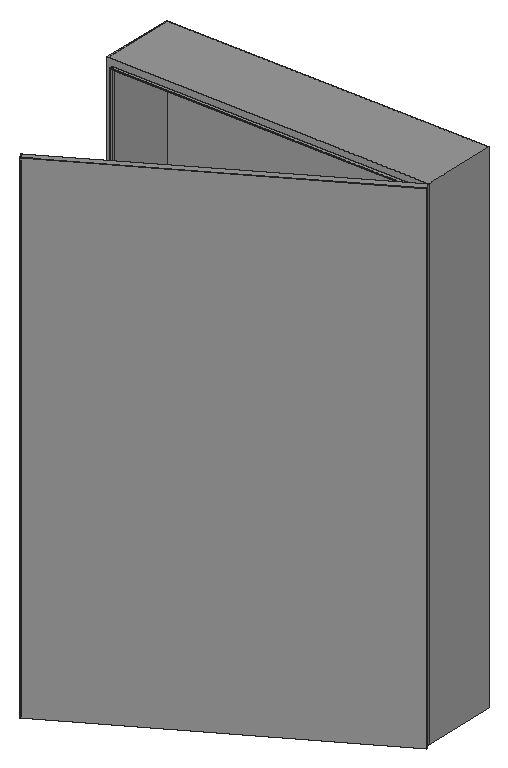
Revit family "Hager-Univers-IP44-D205-H1250-Cl.I-encl-NoHosted-DE-de", category Equipement électrique, Revit 2020
Family settings
  Configuration du panneau = Deux colonnes, circuits au sein
  Cote de connecteur circulaire = Utiliser le diamètre
  Type d'élément = Tableau de raccordement
  Basée sur le plan de construction = Oui
  Toujours verticalement = Oui
  Couper avec des vides une fois chargée = Non
  Partagée = Non
  Point de calcul de pièce = Non
Parameters (values of type "Aufputz IP44 B800 H1250 T205  - FP83TN2")
  Width Control [instance] = if([EF000008 - Breite] > Min Width, [EF000008 - Breite], Min Width)  # 800 mm
  Commentaires du type = [HG000003 - Bereich]  # "Univers"
  Thickness Door [instance] = if([EF009171 - Materialstärke Tür/Deckel] > 3 mm, 3 mm, [EF009171 - Materialstärke Tür/Deckel])  # 1 mm
  Seal Frame Offset [instance] = 17 mm  # constant formula
  Plinth Visibility [instance] = [HG000027 - Sockelhöhe] > 0 mm  # no
  Min Width [instance] = 100 mm  # constant formula
  Min Depth [instance] = (2 * [EF009170 - Materialstärke Gehäuse]) + 1 mm  # 3 mm
  Min Height [instance] = 100 mm  # constant formula
  Internal Frame Depth [instance] = (Door System Depth * 0.5)  # 9 mm
  Panel Name [instance] = ""  # (empty or 0)
  Model = ""
  HG000027 - Sockelhöhe = 0 mm
  HG000026 - Stehend auf dem Boden = no
  HG000024 - Höhe des unteren Teils = 600 mm
  HG000023 - Gehäuse mit doppeltem Querschnitt = no
  HG000016 - 3D-Türsichtbarkeit [instance] = yes
  HG000015 - Sichtbarkeit der Türöffnung [instance] = no
  HG000014 - Tür rechts [instance] = yes
  HG000013 - Tür links [instance] = not([HG000014 - Tür rechts])  # no
  HG000012 - Türschwenkwinkel [instance] = 30.00°
  HG000010 - Asymmetrische Türen = no
  HG000009 - Doppelflügeligen Tür = no
  HG000006 - Unterputz = no
  HG000004 - Herstellerreferenz = "FP83TN2"
  HG000003 - Bereich = "Univers"
  HG000002 - Mit tür = yes
  Frame Offset Bottom [instance] = 10 mm  # constant formula
  Frame Offset [instance] = 15 mm  # constant formula
  EF015940 - Deckel mit Überdruckentlastung = no
  EF011959 - Schutzart (NEMA) = ""
  EF009554 - Anzahl der Öffnungen für Flanschplatten = 6
  EF009212 - Ausführung Deckel = "EV000116 - geschlossen"
  EF009171 - Materialstärke Tür/Deckel = 1 mm
  EF009170 - Materialstärke Gehäuse = 1 mm
  EF008873 - Nennstrom (In) = 250 A
  EF007800 - Geeignet für Blitzschutz = no
  EF006306 - Mit Schloss = no
  EF006244 - Transparenter Deckel/Tür = no
  EF005474 - Schutzart (IP) = "EV006418 - IP44"
  EF004464 - Art der Tür = "EV002646 - Einzel"
  EF004427 - Anzahl der Module = 288
  EF004293 - Schlagfestigkeit = "EV006815 - IK09"
  EF003532 - Geeignet für Außengebrauch = no
  EF002950 - Breite in Teilungseinheiten = 36
  EF001613 - Funktionserhalt = "EV000494 - ohne"
  EF001596 - Werkstoff des Gehäuses = "EV000179 - Stahl"
  EF001131 - Innentiefe = 130 mm
  EF001088 - Anbaumöglichkeit = yes
  EF000437 - Anzahl der Leitungseinführungen = 6
  EF000339 - Art der Abdeckung = "EV001012 - Deckel"
  EF000266 - Anzahl der Reihen = 8
  EF000218 - Einbautiefe = 205 mm
  EF000118 - Mit Montageplatte = no
  EF000116 - RAL-Nummer = "9010"
  EF000049 - Tiefe = 205 mm
  EF000040 - Höhe = 1250 mm
  EF000008 - Breite = 800 mm
  EF000007 - Farbe = "EV000202 - weiß"
  EF000003 - Montageart = "EV000384 - Aufputz"
  Door System Leaf Tolerance [instance] = 1.5 mm  # constant formula
  Door System Depth [instance] = 18 mm  # constant formula
  Door Height [instance] = Height Control - [HG000027 - Sockelhöhe]  # 1250 mm
  Description = ""
  Default Elevation = 1219.2 mm
  Connector Offset [instance] = Height Control / 2  # 625 mm
  Fabricant = "Hager"  # constant formula
  Height Control [instance] = if([EF000040 - Höhe] > Min Height, [EF000040 - Höhe], Min Height)  # 1250 mm
  Depth Control [instance] = if([EF000049 - Tiefe] > Min Depth, [EF000049 - Tiefe], Min Depth)  # 205 mm
  Bottom Top Plate Trim [instance] = 1.5 mm  # constant formula
  Plinth height Ctrl [instance] = if([HG000027 - Sockelhöhe] > 0 mm, [HG000027 - Sockelhöhe], 12 mm)  # 12 mm
Types (9, lengths in mm): name | Width Control | HG000010 - Asymmetrische Türen | HG000009 - Doppelflügeligen Tür | HG000004 - Herstellerreferenz | EF009554 - Anzahl der Öffnungen für Flanschplatten | EF004464 - Art der Tür | EF004427 - Anzahl der Module | EF002950 - Breite in Teilungseinheiten | EF000437 - Anzahl der Leitungseinführungen | EF000008 - Breite
  Aufputz IP44 B1050 H1250 T205  - FP84TN2 | 1050 | no | yes | "FP84TN2" | 8 | "EV003602 - Doppel" | 384 | 48 | 8 | 1050
  Aufputz IP44 B1300 H1250 T205  - FP85TN | 1300 | no | yes | "FP85TN" | 10 | "EV003602 - Doppel" | 480 | 60 | 10 | 1300
  Aufputz IP44 B1300 H1250 T205  - FP85TN2 | 1300 | yes | yes | "FP85TN2" | 10 | "EV003602 - Doppel" | 480 | 60 | 10 | 1300
  Aufputz IP44 B300 H1250 T205  - FP81TN | 300 | no | no | "FP81TN" | 2 | "EV002646 - Einzel" | 96 | 12 | 2 | 300
  Aufputz IP44 B300 H1250 T205  - FP81TN2 | 300 | no | no | "FP81TN2" | 2 | "EV002646 - Einzel" | 96 | 12 | 2 | 300
  Aufputz IP44 B550 H1250 T205  - FP82TN | 550 | no | no | "FP82TN" | 4 | "EV002646 - Einzel" | 192 | 24 | 4 | 550
  Aufputz IP44 B550 H1250 T205  - FP82TN2 | 550 | no | no | "FP82TN2" | 4 | "EV002646 - Einzel" | 192 | 24 | 4 | 550
  Aufputz IP44 B800 H1250 T205  - FP83TN | 800 | no | no | "FP83TN" | 6 | "EV002646 - Einzel" | 288 | 36 | 6 | 800
  Aufputz IP44 B800 H1250 T205  - FP83TN2 | 800 | no | no | "FP83TN2" | 6 | "EV002646 - Einzel" | 288 | 36 | 6 | 800
Reference planes
  plane 1 "Center (Front/Back)": y = 0
  plane 2: z = 0
  plane 3 "Center (Left/Right)": x = 0
  plane 4: y = 0
  plane 5: y = 0
  plane 6: z = 0
  plane 7: x = -400
  plane 8: x = 400
  plane 9: x = 399
  plane 10: x = -399
  plane 11: z = 0
  plane 12: z = 1
  plane 13: y = -205
  plane 14: y = -1
  plane 15: x = 0
  plane 16: y = -187
  plane 17: y = -204
  plane 18: y = -186
  plane 19: x = -384
  plane 20: x = 384
  plane 21: z = 11
  plane 22: x = -383
  plane 23: x = 383
  plane 24: z = 0
  plane 25: z = 1250
  plane 26: z = 1250
  plane 27: z = 1234
  plane 28: z = 1249
Forms (mm)
  Extrusion 1, solid, material "Hager_Steel_RAL7035_Light_Grey", detail levels medium+fine
    sketch origin (-208.679, -4572, 0) x (-1, 0, 0) y (0, -1, 0)
      loop
        line (191.321, -4385) -> (-608.679, -4385) -> (-608.679, -4572) -> (191.321, -4572) -> (191.321, -4385)
    from 0 to 1250
  Extrusion 2, void
    sketch origin (-350.771, -205, 1219.2) x (1, 0, 0) y (0, 0, 1)
      loop
        line (-48.229, 29.8) -> (-48.229, -1218.2) -> (749.771, -1218.2) -> (749.771, 29.8) -> (-48.229, 29.8)
    from -19 to -204
  Extrusion 3, void
    sketch origin (-290.084, -187, 1219.2) x (1, 0, 0) y (0, 0, 1)
      loop
        line (-93.916, -1208.2) -> (674.084, -1208.2) -> (674.084, 14.8) -> (-93.916, 14.8) -> (-93.916, -1208.2)
    from 0 to -1
  Extrusion 4, solid, material "Hager_Steel_RAL7035_Light_Grey", visible <- "Plinth Visibility", detail levels medium+fine
    sketch origin (0, 0, 0) x (1, 0, 0) y (0, 1, 0)
      loop
        line (-400, 0) -> (-400, -187) -> (400, -187) -> (400, 0) -> (-400, 0)
    from 0 to 12 <- "Plinth height Ctrl"
  Extrusion 5, solid, material "Hager_Steel_RAL7035_Light_Grey", detail levels coarse
    sketch origin (0, 0, 0) x (1, 0, 0) y (0, 1, 0)
      loop
        line (-400, 0) -> (-400, -205) -> (400, -205) -> (400, 0) -> (-400, 0)
    from 0 to 1250 <- "Height Control"
  Sweep 6, void
    path in 3D
      loop
        line (-400, -187, 12) -> (400, -187, 12) -> (400, 0, 12) -> (-400, 0, 12) -> (-400, -187, 12)
    profile origin (-400, -93.5, 12) x (1, 0, 0) y (0, 0, 1)
      loop
        line (0, 0) -> (0, -1.5) -> (1.5, -1.5)
        arc (1.5, -1.5) -> (1.061, -0.439) -> (0, 0) r 1.5
  Extrusion 7, solid, material "Hager_Steel_RAL7035_Light_Grey", detail levels fine
    sketch origin (-400, -187, 0) x (1, 0, 0) y (0, 0, 1)
      loop
        line (16, 11) -> (784, 11) -> (784, 1234) -> (16, 1234) -> (16, 11)
      loop
        line (15, 10) -> (785, 10) -> (785, 1235) -> (15, 1235) -> (15, 10)
    from 0 to 9 <- "Internal Frame Depth"
Cuts and joins
  Extrusion 2, Extrusion 3 cuts Extrusion 1
  Sweep 6 cuts Extrusion 4
Lines and regions (mm)
  Masking region 1
    outline origin (0, 0, 0) x (1, 0, 0) y (0, 1, 0)
      loop
        line (-400, 0) -> (-400, -205) -> (400, -205) -> (400, 0) -> (-400, 0)
  Masking region 2, detail levels coarse
    outline origin (-290.084, -187, 1219.2) x (-1, 0, 0) y (0, 0, 1)
      loop
        line (-690.084, -1219.2) -> (109.916, -1219.2) -> (109.916, 30.8) -> (-690.084, 30.8) -> (-690.084, -1219.2)
  Masking region 3, detail levels coarse
    outline origin (0, 0, 0) x (0, 1, 0) y (0, 0, 1)
      loop
        line (0, 0) -> (0, 1250) -> (-205, 1250) -> (-205, 0) -> (0, 0)
  Masking region 4, visible <- "Plinth Visibility", detail levels medium+fine
    outline origin (0, 0, 0) x (0, 1, 0) y (0, 0, 1)
      loop
        line (-1.5, 12) -> (-185.5, 12)
        arc (-185.5, 12) -> (-185.939, 10.939) -> (-187, 10.5) r 1.5
        line (-187, 10.5) -> (-187, 0) -> (0, 0) -> (0, 10.5)
        arc (0, 10.5) -> (-1.061, 10.939) -> (-1.5, 12) r 1.5
  Masking region 5, detail levels medium+fine
    outline origin (0, 0, 594.038) x (0, 1, 0) y (0, 0, 1)
      loop
        line (0, -594.038) -> (0, 655.962) -> (-187, 655.962) -> (-187, -594.038) -> (0, -594.038)
  Masking region 6, detail levels medium+fine
    outline origin (-359.7, -187, 1211.883) x (-1, 0, 0) y (0, 0, 1)
      loop
        line (-759.7, -1211.883) -> (40.3, -1211.883) -> (40.3, 38.117) -> (-759.7, 38.117) -> (-759.7, -1211.883)
  Masking region 7, visible <- "Plinth Visibility", detail levels medium+fine
    outline origin (-320.334, -187, 1041.368) x (-1, 0, 0) y (0, 0, 1)
      loop
        line (-720.334, -1041.368) -> (79.666, -1041.368) -> (79.666, -1030.868)
        arc (79.666, -1030.868) -> (78.606, -1030.429) -> (78.166, -1029.368) r 1.5
        line (78.166, -1029.368) -> (-718.834, -1029.368)
        arc (-718.834, -1029.368) -> (-719.273, -1030.429) -> (-720.334, -1030.868) r 1.5
        line (-720.334, -1030.868) -> (-720.334, -1041.368)
  sketch lines
    curve 1: line (-400, 0, 12) -> (-400, -187, 12)
    curve 2: line (-400, -187, 12) -> (400, -187, 12)
    curve 3: line (400, 0, 12) -> (-400, 0, 12)
    curve 4: line (400, -187, 12) -> (400, 0, 12)
Dimensions and locks
  locked: plane 1 "Center (Front/Back)" to plane 5
  "EF009170 - Materialstärke Gehäuse": plane 7 to plane 10
  "EF009170 - Materialstärke Gehäuse": plane 8 to plane 9
  equal spacing: plane 7, plane 3 "Center (Left/Right)", plane 8
  "Width Control": plane 7 to plane 8
  "Depth Control": plane 4 to plane 13
  "EF009170 - Materialstärke Gehäuse": plane 4 to plane 14
  "Height Control": plane 25 to level
  "HG000027 - Sockelhöhe": plane 11 to level
  "EF009170 - Materialstärke Gehäuse": plane 12 to plane 11
  "EF009170 - Materialstärke Gehäuse": plane 17 to plane 13
  "EF009170 - Materialstärke Gehäuse": plane 18 to plane 16
  "Frame Offset Bottom": plane 21 to plane 12
  "Frame Offset": plane 10 to plane 19
  "Frame Offset": plane 9 to plane 20
  "Door System Depth": plane 16 to plane 13
  "Seal Frame Offset": plane 7 to plane 22
  "Seal Frame Offset": plane 8 to plane 23
  "EF009170 - Materialstärke Gehäuse": plane 26 to plane 28
  "Frame Offset": plane 28 to plane 27
  "Connector Offset": plane 2 to connector elem
  "Bottom Top Plate Trim": profile plane to Sweep 6 sketch curve
  "Bottom Top Plate Trim": Sweep 6 sketch curve to Sweep 6 sketch curve
  "Plinth height Ctrl": Masking region 4 sketch curve to level
  "Plinth height Ctrl": Masking region 7 sketch curve to level
  "Thickness Door": Extrusion 7 sketch curve to Extrusion 7 sketch curve  (x4)
  "Bottom Top Plate Trim": radius of Sweep 6 sketch curve
  "Bottom Top Plate Trim": radius of Masking region 4 sketch curve  (x2)
  "Bottom Top Plate Trim": radius of Masking region 7 sketch curve  (x2)
  aligned and locked: Extrusion 2 sketch curve to plane 12
  aligned and locked: Extrusion 2 sketch curve to plane 9
  aligned and locked: Extrusion 2 sketch curve to plane 10
  aligned and locked: Extrusion 2 to plane 14
  aligned and locked: Extrusion 1 sketch curve to plane 4
  aligned and locked: plane 8 to Extrusion 1 sketch curve
  aligned and locked: plane 7 to Extrusion 1 sketch curve
  aligned and locked: Extrusion 2 to plane 18
  aligned and locked: Extrusion 3 sketch curve to plane 19
  aligned and locked: plane 20 to Extrusion 3 sketch curve
  aligned and locked: Extrusion 3 to Extrusion 2
  aligned and locked: Extrusion 3 sketch curve to plane 21
  aligned and locked: plane 3 "Center (Left/Right)" to nested 1
  aligned and locked: Extrusion 1 sketch curve to plane 16
  aligned and locked: Extrusion 4 sketch curve to cut or joined group of Extrusion 1, Extrusion 2, Extrusion 3
  aligned and locked: Masking region 1 sketch curve to plane 7
  aligned and locked: Masking region 1 sketch curve to plane 5
  aligned and locked: Masking region 1 sketch curve to plane 8
  aligned and locked: Masking region 2 sketch curve to level
  aligned and locked: level to Masking region 3 sketch curve
  aligned and locked: plane 1 "Center (Front/Back)" to Masking region 3 sketch curve
  aligned and locked: plane 13 to Masking region 3 sketch curve
  aligned and locked: plane 5 to Masking region 4 sketch curve
  aligned and locked: Masking region 2 sketch curve to plane 8
  aligned and locked: Masking region 2 sketch curve to plane 7
  aligned and locked: plane 7 to nested 2
  aligned and locked: nested 2 to plane 5
  aligned and locked: plane 5 to Masking region 5 sketch curve
  aligned and locked: plane 26 to Masking region 5 sketch curve
  aligned and locked: Extrusion 5 sketch curve to plane 8
  aligned and locked: Extrusion 5 sketch curve to plane 7
  aligned and locked: Extrusion 5 sketch curve to plane 5
  aligned and locked: Extrusion 3 sketch curve to plane 27
  aligned and locked: Extrusion 2 sketch curve to plane 28
  aligned and locked: Masking region 2 to plane 25
  aligned and locked: Extrusion 4 to plane 16
  aligned and locked: profile plane to Sweep 6 sketch curve
  aligned and locked: Masking region 5 sketch curve to plane 24
  aligned and locked: level to Masking region 4 sketch curve
  aligned and locked: Masking region 1 to plane 13
  aligned and locked: nested 1 to plane 16
  aligned and locked: Masking region 3 to plane 25
  aligned and locked: plane 16 to Masking region 4 sketch curve
  aligned and locked: Masking region 5 sketch curve to plane 16
  aligned and locked: plane 24 to plane 11
  aligned and locked: plane 26 to plane 25
  aligned and locked: plane 26 to cut or joined group of Extrusion 1, Extrusion 2, Extrusion 3
  aligned and locked: nested 1 to plane 24
  aligned and locked: Extrusion 1 to Extrusion 3
  aligned and locked: Masking region 6 sketch curve to plane 8
  aligned and locked: Masking region 6 sketch curve to plane 24
  aligned and locked: Masking region 6 sketch curve to plane 7
  aligned and locked: Masking region 6 sketch curve to plane 26
  aligned and locked: Masking region 7 sketch curve to plane 7
  aligned and locked: level to Masking region 7 sketch curve
  aligned and locked: Masking region 7 sketch curve to plane 8
  aligned and locked: Extrusion 7 sketch curve to cut or joined group of Extrusion 1, Extrusion 2, Extrusion 3  (x4)
Automatic sketch dimensions
  plane 19 to Extrusion 3 sketch curve = 0 mm
  Extrusion 3 sketch curve to plane 20 = 0 mm
  Extrusion 3 sketch curve to plane 21 = 0 mm
  Extrusion 4 sketch curve to plane 7 = 0 mm
  Extrusion 4 sketch curve to plane 8 = 0 mm
  Extrusion 4 sketch curve to plane 16 = 0 mm
  Masking region 1 sketch curve to plane 13 = 0 mm
  Masking region 2 sketch curve to plane 25 = 0 mm
  Masking region 3 sketch curve to plane 25 = 0 mm
  Extrusion 5 sketch curve to plane 13 = 0 mm
  profile plane to Sweep 6 sketch curve = 0 mm
Nested families
  nested 1: "EC000058_Univers_Door" at (0, -187, 0), Double <- "HG000009 - Doppelflügeligen Tür", Transparent <- "EF006244 - Transparenter Deckel/Tür", Angle <- "HG000012 - Türschwenkwinkel", Door_Right <- "HG000014 - Tür rechts", Assymetrical <- "HG000010 - Asymmetrische Türen", Door <- "HG000002 - Mit tür", Width_Ctrl <- "Width Control", 3d_Door <- "HG000016 - 3D-Türsichtbarkeit", Clearance <- "HG000015 - Sichtbarkeit der Türöffnung", Door_Left <- "HG000013 - Tür links", Width <- "Width Control", Door_Depth <- "Door System Depth", Leaf_Tolerance <- "Door System Leaf Tolerance", Height <- "Door Height", Lock_Visibility <- "EF006306 - Mit Schloss", Thickness <- "Thickness Door", type "EC000058_Univers_Door", detail levels medium+fine
    with min_wh 3 mm, Width_Ctrl 800 mm, Width 800 mm, Transparent no, Thickness 1 mm, Seal_Material Hager_Rubber, Lock_Visibility no, Lock_Material Hager_Plastic_RAL9005_Jet_Black, Leaf_Width 800 mm, Leaf_Tolerance_External_Sides 0 mm, Leaf_Tolerance 1.5 mm, Leaf_Offset 0 mm, Leaf_Height 1247 mm, Leaf_2_Width 800 mm, Leaf_2_Offset 400 mm, Leaf_1_Width 800 mm, Leaf_1_Offset 400 mm, Height_Ctrl 1250 mm, Height 1250 mm, Glass_Material Hager_Glass, Double_Clearance_Ctrl no, Double no, Door_Right_Ctrl yes, Door_Right yes, Door_Material Hager_Steel_RAL7035_Light_Grey, Door_Left_Ctrl no, Door_Left no, Door_Depth 18 mm, Door yes, Clearance_Material Hager_Clearance, Clearance_Depth 800 mm, Clearance_Ctrl no, Clearance no, Assymetrical no, Angle 30.00°, 3d_Door yes
  nested 2: "Hager_Enclosure_Symbol" at (-400, 0, 0), Height <- "Depth Control", Width <- "Width Control", type "Hager_Enclosure_Symbol"
    with Width_Ctrl 800 mm, Width 800 mm, Height_Ctrl 205 mm, Height 205 mm, A_Width_Int 13.453 mm, A_Width 161.438 mm, A_Height_Ctrl 179.375 mm, A_Height 179.375 mm
Connectors
  electrical at (0, 0, 625)
    settings: on plane 1 "Center (Front/Back)", index 1, voltage 0 V, apparent load 0 VA, apparent load phase1 0 VA, apparent load phase2 0 VA, apparent load phase3 0 VA, power factor 1, load classification "Other", number of poles 1, system type 30, power factor state 1, is connector primary yes, connector utility no, sub classification motor no, connector description ""
Definition of nested family "EC000058_Univers_Door"
  Parameters (values of type "EC000058_Univers_Door")
    min_wh [instance] = (2 * Thickness) + 1 mm  # 11 mm
    Width_Ctrl [instance] = 400 mm
    Width [instance] = 500 mm
    Transparent [instance] = yes
    Thickness [instance] = 5 mm
    Seal_Material [instance] = none
    Lock_Visibility [instance] = yes
    Lock_Material [instance] = none
    Leaf_Width [instance] = if((Width_Ctrl - 2 * Leaf_Tolerance_External_Sides) > 0 mm, (Width_Ctrl - 2 * Leaf_Tolerance_External_Sides), min_wh)  # 400 mm
    Leaf_Tolerance_External_Sides [instance] = 0 mm  # constant formula
    Leaf_Tolerance [instance] = 1.5 mm
    Leaf_Offset [instance] = 0 mm  # constant formula
    Leaf_Height [instance] = if((Height_Ctrl - 2 * Leaf_Tolerance) > 0 mm, (Height_Ctrl - 2 * Leaf_Tolerance), min_wh)  # 497 mm
    Leaf_2_Width [instance] = if(and(and(Double, Assymetrical), Door_Left), (Leaf_Width / 3) - (Leaf_Tolerance / 2), if(and(and(Double, Assymetrical), Door_Right), (Leaf_Width / 3) * 2 - (Leaf_Tolerance / 2), if(and(Double, not(Assymetrical)), (Leaf_Width / 2) - Leaf_Tolerance, Leaf_Width)))  # 400 mm
    Leaf_2_Offset [instance] = if(and(Double, Assymetrical), Leaf_2_Width / 2, if(and(Double, not(Assymetrical)), Leaf_Width / 4, Leaf_Width / 2))  # 200 mm
    Leaf_1_Width [instance] = if(and(and(Double, Assymetrical), Door_Right), (Leaf_Width / 3) - (Leaf_Tolerance / 2), if(and(and(Double, Assymetrical), Door_Left), (Width / 3) * 2 - (Leaf_Tolerance / 2), if(and(Double, not(Assymetrical)), (Leaf_Width / 2) - Leaf_Tolerance, Leaf_Width)))  # 400 mm
    Leaf_1_Offset [instance] = if(and(Double, Assymetrical), Leaf_1_Width / 2, if(and(Double, not(Assymetrical)), Leaf_Width / 4, Leaf_Width / 2))  # 200 mm
    Height_Ctrl [instance] = if(Height > min_wh, Height, min_wh)  # 500 mm
    Height [instance] = 500 mm
    Glass_Material [instance] = none
    Double_Clearance_Ctrl [instance] = and(Double, Clearance)  # no
    Double [instance] = no
    Door_Right_Ctrl [instance] = and(or(Door_Right, Double), Door)  # yes
    Door_Right [instance] = yes
    Door_Material [instance] = none
    Door_Left_Ctrl [instance] = and(or(Door_Left, Double), Door)  # no
    Door_Left [instance] = no
    Door_Depth [instance] = 30 mm
    Door [instance] = yes
    Default Elevation = 1219.2 mm
    Clearance_Material [instance] = none
    Clearance_Depth [instance] = if(Leaf_1_Width > Leaf_2_Width, Leaf_1_Width, Leaf_2_Width)  # 400 mm
    Clearance_Ctrl [instance] = and(not(Double), Clearance)  # yes
    Clearance [instance] = yes
    Assymetrical [instance] = yes
    Angle [instance] = 30.00°
    3d_Door [instance] = yes
  Reference planes
    plane 1 "Center (Front/Back)": y = 0
    plane 2 "Bottom": z = 0
    plane 3 "Center (Left/Right)": x = 0
    plane 4: z = 500
    plane 5: x = -200
    plane 6: x = 200
    plane 7: z = 500
    plane 8: x = -200
    plane 9: z = 0
    plane 10: x = 200
    plane 11: y = 0
    plane 12: z = 1.5
    plane 13: x = -600
    plane 14: y = -400
    plane 15: x = 600
    plane 16: x = 0
    plane 17: x = 0
    plane 18: x = -200
    plane 19: x = 200
    plane 20: z = 498.5
  Forms (mm)
    Extrusion 1, solid, material <- "Clearance_Material", visible <- "Double_Clearance_Ctrl"
      sketch origin (1200, 0, 0) x (1, 0, 0) y (0, 0, -1)
        loop
          line (-1800, -498.5) -> (-600, -498.5) -> (-600, 0) -> (-1800, 0) -> (-1800, -498.5)
      from 0 to -400
  Dimensions and locks
    equal spacing: plane 5, plane 3 "Center (Left/Right)", plane 6
    "Width_Ctrl": plane 5 to plane 6
    "Leaf_Offset": plane 5 to plane 8
    "Leaf_Offset": plane 6 to plane 10
    "Leaf_Offset": plane 9 to level
    "Leaf_Offset": plane 4 to plane 7
    "Height_Ctrl": plane 4 to level
    "Leaf_Tolerance": plane 12 to plane 9
    locked: plane 11 to plane 1 "Center (Front/Back)"
    "Leaf_1_Offset": plane 18 to plane 16
    "Leaf_2_Offset": plane 17 to plane 19
    "Leaf_1_Width": plane 13 to plane 8
    "Leaf_2_Width": plane 10 to plane 15
    "Clearance_Depth": plane 14 to plane 1 "Center (Front/Back)"
    "Leaf_Tolerance_External_Sides": plane 8 to plane 18
    "Leaf_Tolerance_External_Sides": plane 19 to plane 10
    "Leaf_Tolerance": plane 7 to plane 20
    aligned and locked: level to plane 2 "Bottom"
    aligned and locked: nested 1 to plane 16
    aligned and locked: nested 2 to plane 17
    aligned and locked: Extrusion 1 to plane 13
    aligned and locked: plane 15 to Extrusion 1
    aligned and locked: Extrusion 1 to plane 14
    aligned and locked: plane 12 to nested 1
    aligned and locked: nested 2 to plane 12
    aligned and locked: Extrusion 1 to plane 11
    aligned and locked: plane 20 to Extrusion 1
    aligned and locked: nested 2 to plane 11
    aligned and locked: nested 1 to plane 11
  Automatic sketch dimensions
    Extrusion 1 sketch curve to level = 0 mm
    plane 5 to Extrusion 1 sketch curve = 400 mm
    plane 6 to Extrusion 1 sketch curve = 400 mm
    Extrusion 1 sketch curve to plane 4 = 1.5 mm
  Nested families
    nested 1: "EC000058_Univers_Door_Leaf" at (0, 0, 1.5), Width <- "Leaf_1_Width", visible <- "Door_Left_Ctrl", Leaf_Height <- "Leaf_Height", Angle <- "Angle", 3d_Door <- "3d_Door", Transparent <- "Transparent", Clearance Material <- "Clearance_Material", Clearance <- "Clearance_Ctrl", Door_Material <- "Door_Material", Glass_Material <- "Glass_Material", Door_Depth <- "Door_Depth", Lock_Material <- "Lock_Material", Seal_Material <- "Seal_Material", Lock_Visibility <- "Lock_Visibility", Thickness <- "Thickness", type "EC000058_Univers_Door_Leaf"
      with Width 400 mm, Transparent_Glass_Offset 30 mm, Transparent_Ctrl yes, Transparent yes, Thickness 5 mm, Standard no, Seal_Material none, Seal_D2 8 mm, Seal_D1 1 mm, Offset_Internal_Frame 10 mm, Lock_Width 20 mm, Lock_Visibility_3d yes, Lock_Visibility yes, Lock_Thickness_3 3 mm, Lock_Thickness_2 1 mm, Lock_Thickness_1 3 mm, Lock_Radius_Offset_2 16 mm, Lock_Radius_Offset_1 15 mm, Lock_Radius_2 5 mm, Lock_Radius 6 mm, Lock_Offset 5 mm, Lock_Material none, Lock_Height 80 mm, Lock_Cover_Top_Offset_2d 17 mm, Lock_Cover_Height -65 mm, Leaf_Height 497 mm, Internal_Seal_Thickness 8 mm, Internal_Seal_Depth_2 4.5 mm, Internal_Frame_Depth 25 mm, Glass_Thickness -1 mm, Glass_Offset -2 mm, Glass_Material none, Door_Material none, Door_Depth 30 mm, Clearance Material none, Clearance yes, Angle_Ctrl 30.00°, Angle 30.00°, 3d_Door yes
    nested 2: "EC000058_Univers_Door_Leaf" at (0, 0, 1.5) x (-1, 0, 0) z (0, 0, 1), Width <- "Leaf_2_Width", visible <- "Door_Right_Ctrl", Leaf_Height <- "Leaf_Height", Angle <- "Angle", 3d_Door <- "3d_Door", Transparent <- "Transparent", Clearance Material <- "Clearance_Material", Clearance <- "Clearance_Ctrl", Door_Material <- "Door_Material", Glass_Material <- "Glass_Material", Door_Depth <- "Door_Depth", Lock_Material <- "Lock_Material", Seal_Material <- "Seal_Material", Lock_Visibility <- "Lock_Visibility", Thickness <- "Thickness", type "EC000058_Univers_Door_Leaf"
      with Width 400 mm, Transparent_Glass_Offset 30 mm, Transparent_Ctrl yes, Transparent yes, Thickness 5 mm, Standard no, Seal_Material none, Seal_D2 8 mm, Seal_D1 1 mm, Offset_Internal_Frame 10 mm, Lock_Width 20 mm, Lock_Visibility_3d yes, Lock_Visibility yes, Lock_Thickness_3 3 mm, Lock_Thickness_2 1 mm, Lock_Thickness_1 3 mm, Lock_Radius_Offset_2 16 mm, Lock_Radius_Offset_1 15 mm, Lock_Radius_2 5 mm, Lock_Radius 6 mm, Lock_Offset 5 mm, Lock_Material none, Lock_Height 80 mm, Lock_Cover_Top_Offset_2d 17 mm, Lock_Cover_Height -65 mm, Leaf_Height 497 mm, Internal_Seal_Thickness 8 mm, Internal_Seal_Depth_2 4.5 mm, Internal_Frame_Depth 25 mm, Glass_Thickness -1 mm, Glass_Offset -2 mm, Glass_Material none, Door_Material none, Door_Depth 30 mm, Clearance Material none, Clearance yes, Angle_Ctrl 30.00°, Angle 30.00°, 3d_Door yes
  Definition of nested family "EC000058_Univers_Door_Leaf"
    Parameters (values of type "EC000058_Univers_Door_Leaf")
      Width [instance] = 2000 mm
      Transparent_Glass_Offset [instance] = 30 mm
      Transparent_Ctrl [instance] = and(Transparent, [3d_Door])  # yes
      Transparent [instance] = yes
      Thickness [instance] = 5 mm
      Standard [instance] = and(not(Transparent), [3d_Door])  # no
      Seal_Material [instance] = none
      Seal_D2 [instance] = 8 mm  # constant formula
      Seal_D1 [instance] = 1 mm  # constant formula
      Offset_Internal_Frame [instance] = 10 mm  # constant formula
      Lock_Width [instance] = 20 mm  # constant formula
      Lock_Visibility_3d [instance] = and(Lock_Visibility, [3d_Door])  # yes
      Lock_Visibility [instance] = yes
      Lock_Thickness_3 [instance] = 3 mm  # constant formula
      Lock_Thickness_2 [instance] = 1 mm  # constant formula
      Lock_Thickness_1 [instance] = 3 mm  # constant formula
      Lock_Radius_Offset_2 [instance] = Lock_Radius_Offset_1 + 1 mm  # 16 mm
      Lock_Radius_Offset_1 [instance] = 15 mm  # constant formula
      Lock_Radius_2 [instance] = Lock_Radius - 1 mm  # 5 mm
      Lock_Radius [instance] = 6 mm  # constant formula
      Lock_Offset [instance] = 5 mm  # constant formula
      Lock_Material [instance] = none
      Lock_Height [instance] = 80 mm  # constant formula
      Lock_Cover_Top_Offset_2d [instance] = Lock_Radius_Offset_2 + 1 mm  # 17 mm
      Lock_Cover_Height [instance] = -(Lock_Height - Lock_Radius_Offset_1)  # -65 mm
      Leaf_Height [instance] = 2720.336 mm
      Internal_Seal_Thickness [instance] = 8 mm  # constant formula
      Internal_Seal_Depth_2 [instance] = 4.5 mm  # constant formula
      Internal_Frame_Depth [instance] = if(Door_Depth - Thickness > 5 mm, Door_Depth - Thickness, 5 mm)  # 25 mm
      Glass_Thickness [instance] = if(Thickness > 15 mm, Glass_Offset + 10 mm, -1 mm)  # -1 mm
      Glass_Offset [instance] = if(Thickness > 15 mm, -(Thickness + 10 mm) / 2, -2 mm)  # -2 mm
      Glass_Material [instance] = none
      Door_Material [instance] = none
      Door_Depth [instance] = 30 mm
      Default Elevation = 0 mm
      Clearance Material [instance] = none
      Clearance [instance] = yes
      Angle_Ctrl [instance] = if(Angle > 180.00°, 180.00°, Angle)  # 90.00°
      Angle [instance] = 90.00°
      3d_Door [instance] = yes
    Reference planes
      plane 1 "Center (Front/Back)": y = 0
      plane 2: z = 0
      plane 3 "Center (Left/Right)": x = 0
      plane 4: y = 2000
      plane 5: x = -1000
      plane 6: x = 1000
      plane 7: x = -3000
      plane 8: z = 2720.336
      plane 9: z = 30
      plane 10: z = 2690.336
      plane 11: x = 970
      plane 12: x = -970
      plane 13: y = -3
      plane 14: z = 107.833
      plane 15: y = -5
      plane 16: y = -223.314
      plane 17: x = -1000
      plane 18: z = 1360.168
      plane 19: y = 30
    Forms (mm)
      Extrusion 1, solid, material <- "Clearance Material", visible <- "Clearance"
        sketch origin (0, 0, 0) x (1, 0, 0) y (0, 0, 1)
          loop
            line (-3000, 2720.336) -> (-3000, 0) -> (1000, 0) -> (1000, 2720.336) -> (-3000, 2720.336)
        from 0 to -2000
      Extrusion 2, solid, material <- "Door_Material", visible <- "Standard", detail levels medium+fine
        sketch origin (-1000, 0, 0) x (0, 1, 0) y (-1, 0, 0)
          loop
            line (0, 30) -> (0, 25) -> (2000, 25) -> (2000, 30) -> (0, 30)
        from 0 to 2720.336 <- "Leaf_Height"
      Extrusion 3, solid, material <- "Door_Material", visible <- "Transparent_Ctrl", detail levels medium+fine
        sketch origin (-1000, 0, 0) x (0, 1, 0) y (-1, 0, 0)
          loop
            line (0, 25) -> (2000, 25) -> (2000, 30) -> (0, 30) -> (0, 25)
        from 0 to 2720.336 <- "Leaf_Height"
      Extrusion 4, void
        sketch origin (-1025, 2000, 0) x (0, 1, 0) y (0, 0, -1)
          loop
            line (-30, -2690.336) -> (-30, -30) -> (-1970, -30) -> (-1970, -2690.336) -> (-30, -2690.336)
        from 0 to 5 <- "Thickness"
      Sweep 5, solid, material <- "Seal_Material", visible <- "Transparent_Ctrl", detail levels fine
        path in 3D
          loop
            line (-1025, 30, 30) -> (-1025, 30, 2690.336) -> (-1025, 1970, 2690.336) -> (-1025, 1970, 30) -> (-1025, 30, 30)
        profile origin (-1025, 1000, 30) x (1, 0, 0) y (0, 0, 1)
          loop
            line (0, 0) -> (0, -8) -> (1, -8) -> (1, 0) -> (0, 0)
      Extrusion 6, solid, material <- "Glass_Material", visible <- "Transparent_Ctrl", detail levels medium+fine
        sketch origin (-1030, 0, 0) x (0, 1, 0) y (0, 0, -1)
          loop
            line (1970, -2690.336) -> (1970, -30) -> (30, -30) -> (30, -2690.336) -> (1970, -2690.336)
        from -2 <- "Glass_Offset" to -1 <- "Glass_Thickness"
      Extrusion 7, solid, material <- "Door_Material", visible <- "3d_Door", detail levels medium+fine
        sketch origin (-1025, 2000, 0) x (0, -1, 0) y (0, 0, -1)
          loop
            line (0, -2720.336) -> (2000, -2720.336) -> (2000, 0) -> (0, 0) -> (0, -2720.336)
          loop
            line (1995, -5) -> (5, -5) -> (5, -2715.336) -> (1995, -2715.336) -> (1995, -5)
        from 0 to 25 <- "Internal_Frame_Depth"
      Sweep 8, solid, material <- "Seal_Material", visible <- "Transparent_Ctrl", detail levels fine
        path in 3D
          loop
            line (-1025, 0, 0) -> (-1025, 2000, 0) -> (-1025, 2000, 2720.336) -> (-1025, 0, 2720.336) -> (-1025, 0, 0)
        profile origin (-1025, 0, 1360.168) x (1, 0, 0) y (0, 1, 0)
          loop
            line (0, 10) -> (2.975, 10)
            arc (2.975, 10) -> (4.053, 10.447) -> (4.5, 11.525) r 1.525
            line (4.5, 11.525) -> (4.5, 16.527)
            arc (4.5, 16.527) -> (4.069, 17.569) -> (3.027, 18) r 1.473
            line (3.027, 18) -> (0, 18) -> (0, 10)
      Extrusion 9, solid, material <- "Lock_Material", visible <- "Lock_Visibility_3d", detail levels fine
        sketch origin (-1030, 0, 0) x (0, 1, 0) y (0, 0, -1)
          loop
            arc (1993.5, -1400.168) -> (1994.561, -1399.729) -> (1995, -1398.668) r 1.5
            line (1995, -1398.668) -> (1995, -1320.168) -> (1975, -1320.168) -> (1975, -1398.668)
            arc (1975, -1398.668) -> (1975.439, -1399.729) -> (1976.5, -1400.168) r 1.5
            line (1976.5, -1400.168) -> (1993.5, -1400.168)
        from 3 <- "Lock_Thickness_1" to 0
      Blend 10, solid, material <- "Lock_Material", visible <- "Lock_Visibility_3d", detail levels fine
        base sketch origin (-1033, 0, 0) x (0, 1, 0) y (0, 0, -1)
          loop
            line (1975, -1320.168) -> (1975, -1398.668)
            arc (1975, -1398.668) -> (1975.439, -1399.729) -> (1976.5, -1400.168) r 1.5
            line (1976.5, -1400.168) -> (1993.5, -1400.168)
            arc (1993.5, -1400.168) -> (1994.561, -1399.729) -> (1995, -1398.668) r 1.5
            line (1995, -1398.668) -> (1995, -1320.168) -> (1975, -1320.168)
        top sketch origin (-1033, 0, 0) x (0, 1, 0) y (0, 0, -1)
          loop
            line (1976, -1320.168) -> (1976, -1398.668)
            arc (1976, -1398.668) -> (1976.146, -1399.022) -> (1976.5, -1399.168) r 0.5
            line (1976.5, -1399.168) -> (1993.5, -1399.168)
            arc (1993.5, -1399.168) -> (1993.854, -1399.022) -> (1994, -1398.668) r 0.5
            line (1994, -1398.668) -> (1994, -1320.168) -> (1976, -1320.168)
        from 0 to 1 <- "Lock_Thickness_2"
      Blend 11, solid, material <- "Lock_Material", visible <- "Lock_Visibility_3d", detail levels fine
        base sketch origin (-1034, 0, 0) x (0, 1, 0) y (0, 0, -1)
          loop
            line (1978, -1320.168) -> (1978, -1384.168)
            arc (1978, -1384.168) -> (1985, -1391.168) -> (1992, -1384.168) r 7
            line (1992, -1384.168) -> (1992, -1320.168) -> (1978, -1320.168)
        top sketch origin (-1034, 0, 0) x (0, 1, 0) y (0, 0, -1)
          loop
            line (1991, -1320.168) -> (1979, -1320.168) -> (1979, -1383.168)
            arc (1979, -1383.168) -> (1985, -1389.168) -> (1991, -1383.168) r 6
            line (1991, -1383.168) -> (1991, -1320.168)
        from 0 to 3 <- "Lock_Thickness_3"
      Extrusion 12, solid, material <- "Lock_Material", visible <- "Lock_Visibility_3d", detail levels fine
        sketch origin (-1030, 1975, 1320.168) x (1, 0, 0) y (0, -1, 0)
          loop
            line (-7, -19) -> (-7, -1) -> (0, -1) -> (0, 0) -> (-8, 0) -> (-8, -20) -> (0, -20) -> (0, -19) -> (-7, -19)
        from 0 to -65 <- "Lock_Cover_Height"
      Extrusion 13, void
        sketch origin (-1038, 1995, 1320.168) x (-1, 0, 0) y (0, 0, -1)
          loop
            line (-5, -65) -> (0, -65) -> (-5, -60) -> (-5, -65)
        from 0 to 20 <- "Lock_Width"
      Extrusion 14, void
        sketch origin (-1038, 1975, 1320.168) x (0, -1, 0) y (0, 0, -1)
          loop
            circle (-10, -15.995) r 6
          loop
            circle (-10, -15.995) r 5
        from 0 to 2
      Extrusion 15, solid, material <- "Lock_Material", visible <- "Lock_Visibility_3d", detail levels medium
        sketch origin (-1030, 0, 0) x (0, 1, 0) y (0, 0, -1)
          loop
            arc (1993.5, -1400.168) -> (1994.561, -1399.729) -> (1995, -1398.668) r 1.5
            line (1995, -1398.668) -> (1995, -1320.168) -> (1975, -1320.168) -> (1975, -1398.668)
            arc (1975, -1398.668) -> (1975.439, -1399.729) -> (1976.5, -1400.168) r 1.5
            line (1976.5, -1400.168) -> (1993.5, -1400.168)
        from 8 to 0
    Cuts and joins
      Extrusion 4 cuts Extrusion 3
      Extrusion 13, Extrusion 14 cuts Extrusion 9
      Extrusion 14 cuts Blend 11
      Extrusion 13, Extrusion 14 cuts Extrusion 12
      joined: Extrusion 9, Blend 10, Blend 11, Extrusion 12
      Extrusion 14 cuts Extrusion 15
    Lines and regions (mm)
      Masking region 1, visible <- "Lock_Visibility", detail levels fine
        outline origin (0, 0, 0) x (0, 1, 0) y (0, 0, 1)
          loop
            line (30, 1320.168) -> (33, 1320.168) -> (33, 1400.168) -> (30, 1400.168) -> (30, 1320.168)
      Masking region 2, visible <- "Lock_Visibility", detail levels fine
        outline origin (0, 3.143, 0) x (0, 1, 0) y (0, 0, 1)
          loop
            line (29.857, 1354.168) -> (30.857, 1354.168) -> (30.857, 1366.168) -> (29.857, 1366.168) -> (29.857, 1354.168)
      Masking region 3, detail levels medium+fine
        outline origin (0, 0, 0) x (0, 1, 0) y (0, 0, 1)
          loop
            line (0, 0) -> (30, 0) -> (30, 2720.336) -> (0, 2720.336) -> (0, 0)
      Masking region 4, detail levels medium+fine
        outline origin (0, 0, 0) x (1, 0, 0) y (0, 0, 1)
          loop
            line (-1000, 2720.336) -> (-1000, 0) -> (1000, 0) -> (1000, 2720.336) -> (-1000, 2720.336)
      Masking region 5, visible <- "Lock_Visibility", detail levels fine
        outline origin (-47.116, 0, 0) x (1, 0, 0) y (0, 0, 1)
          loop
            arc (1024.616, 1399.168) -> (1023.556, 1398.729) -> (1023.116, 1397.668) r 1.5
            line (1023.116, 1397.668) -> (1023.116, 1320.168) -> (1041.116, 1320.168) -> (1041.116, 1397.668)
            arc (1041.116, 1397.668) -> (1040.677, 1398.729) -> (1039.616, 1399.168) r 1.5
            line (1039.616, 1399.168) -> (1024.616, 1399.168)
      Masking region 6, visible <- "Lock_Visibility", detail levels medium+fine
        outline origin (-25, 0, 0) x (1, 0, 0) y (0, 0, 1)
          loop
            arc (1001.5, 1400.168) -> (1000.439, 1399.729) -> (1000, 1398.668) r 1.5
            line (1000, 1398.668) -> (1000, 1320.168) -> (1020, 1320.168) -> (1020, 1398.668)
            arc (1020, 1398.668) -> (1019.561, 1399.729) -> (1018.5, 1400.168) r 1.5
            line (1018.5, 1400.168) -> (1001.5, 1400.168)
      Masking region 7, visible <- "Lock_Visibility", detail levels fine
        outline origin (-73.735, 0, 0) x (1, 0, 0) y (0, 0, 1)
          loop
            line (1051.735, 1382.168) -> (1065.735, 1382.168) -> (1065.735, 1384.168)
            arc (1065.735, 1384.168) -> (1058.735, 1391.168) -> (1051.735, 1384.168) r 7
            line (1051.735, 1384.168) -> (1051.735, 1382.168)
      Masking region 8, visible <- "Lock_Visibility", detail levels fine
        outline origin (-73.735, 0, 0) x (1, 0, 0) y (0, 0, 1)
          loop
            line (1052.735, 1382.168) -> (1064.735, 1382.168) -> (1064.735, 1383.168)
            arc (1064.735, 1383.168) -> (1058.735, 1389.168) -> (1052.735, 1383.168) r 6
            line (1052.735, 1383.168) -> (1052.735, 1382.168)
      Masking region 9, visible <- "Lock_Visibility", detail levels fine
        outline origin (-25, 0, 0) x (1, 0, 0) y (0, 0, 1)
          loop
            line (1020, 1320.168) -> (1020, 1382.168) -> (1000, 1382.168) -> (1000, 1320.168) -> (1020, 1320.168)
      Masking region 10, detail levels medium+fine
        outline origin (0, 0, 0) x (1, 0, 0) y (0, 0, 1)
          loop
            circle (985, 1335.144) r 6
      Masking region 11, detail levels fine
        outline origin (0, 0, 0) x (1, 0, 0) y (0, 0, 1)
          loop
            circle (985, 1335.144) r 5
      Masking region 12, visible <- "Lock_Visibility", detail levels fine
        outline origin (0, 12.767, 0) x (0, 1, 0) y (0, 0, 1)
          loop
            line (20.233, 1320.168) -> (21.233, 1320.168) -> (21.233, 1399.168) -> (20.233, 1400.168) -> (20.233, 1320.168)
      Masking region 13, visible <- "Lock_Visibility", detail levels fine
        outline origin (0, 13.767, -10) x (0, 1, 0) y (0, 0, 1)
          loop
            line (20.233, 1330.168) -> (23.233, 1330.168) -> (23.233, 1399.168) -> (20.233, 1402.168) -> (20.233, 1330.168)
      Masking region 14, visible <- "Lock_Visibility", detail levels fine
        outline origin (0, 12.767, -10) x (0, 1, 0) y (0, 0, 1)
          loop
            line (20.233, 1330.168) -> (25.233, 1330.168) -> (25.233, 1399.305) -> (20.233, 1394.305) -> (20.233, 1330.168)
      Masking region 15, visible <- "Lock_Visibility", detail levels medium
        outline origin (0, 0, 0) x (0, 1, 0) y (0, 0, 1)
          loop
            line (30, 1320.168) -> (38, 1320.168) -> (38, 1400.168) -> (30, 1400.168) -> (30, 1320.168)
      Masking region 16, visible <- "Lock_Visibility", detail levels fine
        outline origin (-1000, 0, 0) x (0, 1, 0) y (-1, 0, 0)
          loop
            line (1975, 30) -> (1995, 30) -> (1995, 38) -> (1975, 38) -> (1975, 30)
          loop
            line (1979, 37) -> (1976, 37) -> (1976, 34) -> (1978, 34) -> (1979, 37)
          loop
            line (1994, 37) -> (1991, 37) -> (1992, 34) -> (1994, 34) -> (1994, 37)
      Masking region 17, visible <- "Lock_Visibility", detail levels medium
        outline origin (-1000, 0, 0) x (0, 1, 0) y (-1, 0, 0)
          loop
            line (1975, 30) -> (1995, 30) -> (1995, 38) -> (1975, 38) -> (1975, 30)
      symbolic lines
        curve 1: line (1000, 0, 0) -> (-3000, 0, 0)
        curve 2: arc (1000, 0, 0) -> (-1000, 2000, 0) -> (-3000, 0, 0) r 2000
        curve 4: line (-1030, 0, 0) -> (-1030, 2000, 0)
      reference lines
        curve 3: line (-1000, 0, 0) -> (-1000, 2000, 0)
      symbolic lines, detail levels medium+fine
        curve 5: line (-1030, 2000, 0) -> (-1025, 2000, 0)
        curve 7: line (-1025, 0, 0) -> (-1030, 0, 0)
        curve 8: line (-1025, 0, 0) -> (-1000, 0, 0)
        curve 9: line (-1000, 0, 0) -> (-1000, 2000, 0)
        curve 10: line (-1000, 2000, 0) -> (-1025, 2000, 0)
      symbolic lines, detail levels fine
        curve 6: line (-1025, 2000, 0) -> (-1025, 0, 0)
      sketch lines
        curve 11: line (-1025, 0, 2720.336) -> (-1025, 0, 0)
        curve 12: line (-1025, 2000, 0) -> (-1025, 0, 0)
        curve 13: line (-1025, 2000, 2720.336) -> (-1025, 2000, 0)
        curve 14: line (-1025, 0, 2720.336) -> (-1025, 2000, 2720.336)
        curve 15: line (-1025, 1970, 30) -> (-1025, 30, 30)
        curve 16: line (-1025, 30, 30) -> (-1025, 30, 2690.336)
        curve 17: line (-1025, 1970, 2690.336) -> (-1025, 1970, 30)
        curve 18: line (-1025, 30, 2690.336) -> (-1025, 1970, 2690.336)
      symbolic lines, visible <- "Transparent", detail levels medium+fine
        curve 19: line (-970, 0, 2690.336) -> (970, 0, 2690.336)
        curve 20: line (-970, 0, 30) -> (-970, 0, 2690.336)
        curve 21: line (970, 0, 30) -> (-970, 0, 30)
        curve 22: line (970, 0, 2690.336) -> (970, 0, 30)
    Dimensions and locks
      "Width": plane 1 "Center (Front/Back)" to plane 4
      equal spacing: plane 5, plane 3 "Center (Left/Right)", plane 6
      "Width": plane 5 to plane 6
      "Width": plane 7 to plane 5
      "Leaf_Height": plane 8 to level
      "Width": curve 5 to curve 3
      "Width": curve 3 to curve 3
      plane 8 to plane 10 = 30 mm
      plane 9 to level = 30 mm
      plane 12 to plane 5 = 30 mm
      plane 6 to plane 11 = 30 mm
      Extrusion 1 to Extrusion 4 sketch curve = 30 mm
      "Transparent_Glass_Offset": curve 3 to Extrusion 4 sketch curve
      "Transparent_Glass_Offset": Extrusion 4 sketch curve to cut or joined group of Extrusion 3, Extrusion 4  (x2)
      cut or joined group of Extrusion 3, Extrusion 4 to Extrusion 6 sketch curve = 30 mm
      "Transparent_Glass_Offset": cut or joined group of Extrusion 3, Extrusion 4 to Extrusion 4 sketch curve
      "Thickness": curve 6 to curve 4
      "Thickness": Extrusion 7 sketch curve to Extrusion 7 sketch curve  (x4)
      "Door_Depth": curve 4 to curve 3
      "Offset_Internal_Frame": profile plane to Sweep 8 sketch curve
      "Internal_Seal_Thickness": Sweep 8 sketch curve to Sweep 8 sketch curve
      "Internal_Seal_Depth_2": profile plane to Sweep 8 sketch curve
      "Seal_D1": profile plane to Sweep 5 sketch curve
      "Seal_D2": profile plane to Sweep 5 sketch curve
      "Thickness": Extrusion 2 sketch curve to Extrusion 2 sketch curve
      equal spacing: Extrusion 9 sketch curve, plane 18, Extrusion 9 sketch curve  (x2)
      equal spacing: Masking region 1 sketch curve, plane 18, Masking region 1 sketch curve
      "Lock_Height": Masking region 1 sketch curve to Masking region 1 sketch curve
      "Lock_Radius": Masking region 2 sketch curve to plane 18 to Masking region 2 sketch curve
      Masking region 2 sketch curve to Masking region 1 = 1 mm
      "Door_Depth": plane 19 to plane 1 "Center (Front/Back)"
      "Lock_Thickness_1": Masking region 1 sketch curve to plane 19
      "Lock_Width": Extrusion 9 sketch curve to Extrusion 9 sketch curve
      "Lock_Height": Extrusion 9 sketch curve to Extrusion 9 sketch curve
      "Lock_Offset": cut or joined group of Extrusion 3, Extrusion 4 to Extrusion 9 sketch curve
      equal spacing: plane 8, plane 18, level
      "Lock_Radius_Offset_1": Blend 11 sketch curve to Blend 10
      locked: Blend 10 to Blend 11 sketch curve at 2  (x2)
      locked: var sketch to Blend 11 sketch curve at 1  (x2)
      "Lock_Radius_Offset_2": Blend 11 sketch curve to Blend 10
      locked: Extrusion 12 sketch curve to Extrusion 12 sketch curve at 1  (x3)
      Masking region 6 sketch curve to Masking region 6 sketch curve = 80 mm
      "Lock_Height": Masking region 6 sketch curve to Masking region 6 sketch curve
      "Lock_Width": Masking region 6 sketch curve to Masking region 6 sketch curve
      locked: Masking region 6 to Masking region 5 sketch curve at 1  (x3)
      locked: Masking region 5 to Masking region 7 sketch curve at 2  (x2)
      "Lock_Radius_Offset_1": Masking region 5 to Masking region 7 sketch curve
      "Lock_Radius_Offset_2": Masking region 5 to Masking region 8 sketch curve
      locked: Masking region 7 to Masking region 8 sketch curve at 1  (x2)
      "Lock_Cover_Top_Offset_2d": Masking region 5 to Masking region 9 sketch curve
      equal spacing: Masking region 9, Masking region 10 sketch curve, Masking region 9
      equal spacing: Masking region 9, Masking region 11 sketch curve, Masking region 9
      Extrusion 15 sketch curve to Extrusion 15 sketch curve = 80 mm
      "Lock_Width": Extrusion 15 sketch curve to Extrusion 15 sketch curve
      "Lock_Height": Extrusion 15 sketch curve to Extrusion 15 sketch curve
      equal spacing: Extrusion 15 sketch curve, plane 18, Extrusion 15 sketch curve
      "Lock_Thickness_3": Masking region 13 sketch curve to Masking region 13 sketch curve
      "Lock_Height": Masking region 12 sketch curve to Masking region 12 sketch curve
      locked: Masking region 13 sketch curve to Masking region 1 at 8
      locked: Masking region 14 sketch curve to Masking region 13 at 1
      locked: Masking region 14 sketch curve to Masking region 1 at 10.863
      "Lock_Height": Masking region 15 sketch curve to Masking region 15 sketch curve
      "Lock_Offset": Extrusion 15 sketch curve to cut or joined group of Extrusion 3, Extrusion 4
      "Lock_Offset": plane 6 to Masking region 6 sketch curve
      radius of Sweep 8 sketch curve = 1.525 mm
      radius of Sweep 8 sketch curve = 1.473 mm
      radius of Extrusion 9 sketch curve = 1.5 mm  (x2)
      "Lock_Radius": radius of Extrusion 14 sketch curve
      "Lock_Radius_2": radius of Extrusion 14 sketch curve
      "Lock_Radius": radius of Masking region 10 sketch curve
      "Lock_Radius_2": radius of Masking region 11 sketch curve
      radius of Extrusion 15 sketch curve = 1.5 mm  (x2)
      "Angle_Ctrl": angle plane 1 "Center (Front/Back)" to curve 3
      locked: Masking region 12 sketch curve to Masking region 12 sketch curve (angle 45.00°)
      locked: Masking region 13 sketch curve to Masking region 13 sketch curve (angle 45.00°)
      locked: Masking region 14 sketch curve to Masking region 14 sketch curve (angle 45.00°)
      aligned and locked: level to plane 2
      aligned and locked: Extrusion 1 to curve 1
      aligned and locked: plane 6 to Extrusion 1
      aligned and locked: Extrusion 1 to plane 1 "Center (Front/Back)"
      aligned and locked: plane 4 to Extrusion 1
      aligned and locked: plane 8 to Extrusion 1
      aligned and locked: curve 7 to Extrusion 2 sketch curve
      aligned and locked: curve 5 to Extrusion 2 sketch curve
      aligned and locked: curve 7 to Extrusion 3 sketch curve
      aligned and locked: Extrusion 3 sketch curve to curve 4
      aligned and locked: Extrusion 3 sketch curve to curve 6
      aligned and locked: Extrusion 3 sketch curve to curve 5
      aligned and locked: curve 9 to curve 3
      aligned and locked: Extrusion 7 sketch curve to cut or joined group of Extrusion 3, Extrusion 4  (x4)
      aligned and locked: plane 17 to curve 3
      aligned and locked: plane 1 "Center (Front/Back)" to curve 3
      aligned and locked: plane 17 to plane 5
      aligned and locked: Sweep 8 sketch curve to profile plane
      aligned and locked: Sweep 5 sketch curve to profile plane  (x2)
      aligned and locked: Masking region 1 to Masking region 2 sketch curve
      aligned and locked: plane 19 to Masking region 1 sketch curve
      aligned and locked: plane 1 "Center (Front/Back)" to Masking region 3 sketch curve
      aligned and locked: plane 19 to Masking region 3 sketch curve
      aligned and locked: level to Masking region 3 sketch curve
      aligned and locked: Masking region 3 sketch curve to plane 8
      aligned and locked: plane 17 to Masking region 4 sketch curve
      aligned and locked: level to Masking region 4 sketch curve
      aligned and locked: Masking region 4 sketch curve to plane 8
      aligned and locked: plane 12 to curve 20
      aligned and locked: plane 10 to curve 19
      aligned and locked: plane 11 to curve 22
      aligned and locked: curve 21 to plane 9
      aligned and locked: Extrusion 2 sketch curve to cut or joined group of Extrusion 3, Extrusion 4
      aligned and locked: Blend 10 sketch curve to Extrusion 9  (x4)
      aligned and locked: Extrusion 9 to Blend 10 sketch curve
      aligned and locked: Blend 10 to Blend 11 sketch curve
      aligned and locked: Extrusion 12 sketch curve to Blend 11
      aligned and locked: Extrusion 12 sketch curve to Extrusion 9  (x4)
      aligned and locked: Masking region 5 sketch curve to Masking region 6
      aligned and locked: Masking region 9 sketch curve to Masking region 6  (x3)
      aligned and locked: Masking region 12 sketch curve to Masking region 1
      aligned and locked: Masking region 13 sketch curve to Masking region 1
      aligned and locked: Masking region 12 to Masking region 14
      aligned and locked: Masking region 14 sketch curve to Masking region 1
      aligned and locked: Masking region 15 sketch curve to Masking region 14
      aligned and locked: Masking region 13 sketch curve to Masking region 12
      aligned and locked: Masking region 16 sketch curve to cut or joined group of Extrusion 14, Extrusion 15  (x4)
      aligned and locked: Masking region 16 sketch curve to cut or joined group of Extrusion 9, Blend 10, Blend 11, Extrusion 12, Extrusion 13, Extrusion 14  (x6)
      aligned and locked: cut or joined group of Extrusion 9, Blend 10, Blend 11, Extrusion 12, Extrusion 13, Extrusion 14 to Masking region 16 sketch curve
      aligned and locked: Masking region 17 sketch curve to cut or joined group of Extrusion 14, Extrusion 15  (x3)
      aligned and locked: Masking region 17 sketch curve to cut or joined group of Extrusion 9, Blend 10, Blend 11, Extrusion 12, Extrusion 13, Extrusion 14
      aligned and locked: Masking region 9 to Masking region 8 sketch curve
      aligned and locked: Masking region 9 to Masking region 7 sketch curve
    Automatic sketch dimensions
      plane 1 "Center (Front/Back)" to curve 2 = 0 mm
      curve 2 to plane 5 = 0 mm
      Extrusion 1 sketch curve to level = 0 mm
      Extrusion 1 sketch curve to plane 7 = 0 mm
      Extrusion 1 sketch curve to plane 6 = 0 mm
      Extrusion 1 sketch curve to plane 8 = 0 mm
      Extrusion 3 to Extrusion 6 sketch curve = 30 mm  (x4)
      Masking region 4 sketch curve to plane 6 = 0 mm
      Blend 10 sketch curve to Extrusion 9 = 1.5 mm
      Blend 10 sketch curve to Extrusion 9 = 1 mm
      Extrusion 13 sketch curve to Extrusion 12 = 0 mm  (x2)
      Extrusion 12 to Extrusion 13 sketch curve = 3 mm
      Extrusion 13 sketch curve to Extrusion 12 = 5 mm
      Extrusion 14 sketch curve to Extrusion 14 sketch curve = 0 mm  (x2)
      Extrusion 14 sketch curve to Extrusion 12 = 10 mm
      Extrusion 14 sketch curve to Extrusion 12 = 15.995 mm
      Masking region 5 sketch curve to Masking region 5 sketch curve = 1.5 mm  (x2)
      Masking region 10 sketch curve to plane 18 = 25.024 mm
      Masking region 11 sketch curve to plane 18 = 25.024 mm
      plane 19 to Masking region 14 sketch curve = 3 mm
      Masking region 16 sketch curve to Masking region 16 sketch curve = 3 mm
      curve 4 to curve 3 = 0 mm
      Blend 10 to Blend 11 sketch curve = 0 mm
      Masking region 6 sketch curve to Masking region 6 sketch curve = 1.5 mm  (x2)
      Masking region 6 sketch curve to plane 18 = 40 mm
      plane 19 to Masking region 12 sketch curve = 3 mm
      Masking region 12 sketch curve to Masking region 12 sketch curve = 1 mm
      Masking region 15 sketch curve to plane 19 = 0 mm
      Masking region 15 sketch curve to plane 18 = 40 mm
      radius of Blend 10 sketch curve to Extrusion 9 = 1 mm
Definition of nested family "Hager_Enclosure_Symbol"
  Parameters (values of type "Hager_Enclosure_Symbol")
    Width_Ctrl [instance] = if(Width > 1 mm, Width, 1 mm)  # 102.27 mm
    Width [instance] = 102.27 mm
    Height_Ctrl [instance] = if(Height > 1 mm, Height, 1 mm)  # 66.5 mm
    A_Width_Int [instance] = if(A_Width / 12 > 2 mm, A_Width / 12, 2 mm)  # 4.364 mm
    A_Width [instance] = if(A_Height_Ctrl * 0.9 > 2 mm, A_Height_Ctrl * 0.9, 2 mm)  # 52.369 mm
    A_Height_Ctrl [instance] = if(A_Height > 2 mm, A_Height, 2 mm)  # 58.188 mm
    Height [instance] = 66.5 mm
    A_Height [instance] = Height - (Height / 8)  # 58.188 mm
  Reference planes
    plane 1 "Centre (avant/arrière)": y = 0
    plane 2: z = 0
    plane 3 "Centre (gauche/droite)": x = 0
    plane 4: x = 52.369
    plane 5: y = 33.042
    plane 6: y = 41.77
    plane 7: y = 66.5
    plane 8: x = 26.184
    plane 9: y = 37.406
    plane 10: x = 102.27
    plane 11: y = 66.5
    plane 12: y = 8.313
  Lines and regions (mm)
    Filled region 1, type "Solid_Black", in view "Niveau de réf."
      outline origin (0, 0, 0) x (1, 0, 0) y (0, 1, 0)
        loop
          line (52.369, 66.5) -> (33.188, 54.536) -> (45.365, 45.006) -> (52.369, 66.5)
    Filled region 2, type "Solid_Black", in view "Niveau de réf."
      outline origin (0, 0, 0) x (1, 0, 0) y (0, 1, 0)
        loop
          line (0, 0) -> (102.27, 0) -> (102.27, 66.5) -> (0, 0)
    detail lines, in view "Niveau de réf."
      curve 1: line (0, 8.313, 0) -> (26.184, 41.77, 0)
      curve 2: line (26.184, 41.77, 0) -> (26.184, 33.042, 0)
      curve 3: line (26.184, 33.042, 0) -> (52.369, 66.5, 0)
  Dimensions and locks
    "A_Width": plane 3 "Centre (gauche/droite)" to plane 4
    equal spacing: plane 3 "Centre (gauche/droite)", plane 8, plane 4
    equal spacing: plane 6, plane 9, plane 5
    equal spacing: curve 3, Filled region 1 sketch curve, Filled region 1 sketch curve
    "Height_Ctrl": plane 1 "Centre (avant/arrière)" to plane 11
    "A_Height_Ctrl": plane 11 to plane 12
    equal spacing: plane 11, plane 9, plane 12
    "A_Width_Int": plane 6 to plane 9
    "Width_Ctrl": plane 3 "Centre (gauche/droite)" to plane 10
    angle Filled region 1 sketch curve to curve 3 = 20.00°
    angle curve 3 to Filled region 1 sketch curve = 20.00°
    locked: curve 3 to Filled region 1 sketch curve (angle 90.00°)
    aligned and locked: plane 10 to Filled region 2
    aligned and locked: plane 11 to Filled region 2 sketch curve
    aligned and locked: plane 10 to Filled region 2 sketch curve
    aligned and locked: plane 3 "Centre (gauche/droite)" to curve 1
    aligned and locked: plane 12 to curve 1
    aligned and locked: plane 7 to plane 11
  Automatic sketch dimensions
    Filled region 1 sketch curve to plane 4 = 0 mm
    Filled region 1 sketch curve to plane 7 = 0 mm
    plane 1 "Centre (avant/arrière)" to Filled region 2 sketch curve = 0 mm
    Filled region 2 sketch curve to plane 3 "Centre (gauche/droite)" = 0 mm
    curve 2 to plane 6 = 0 mm
    curve 2 to plane 8 = 0 mm
    curve 3 to plane 4 = 0 mm
    curve 2 to plane 5 = 0 mm
    curve 3 to plane 7 = 0 mm
